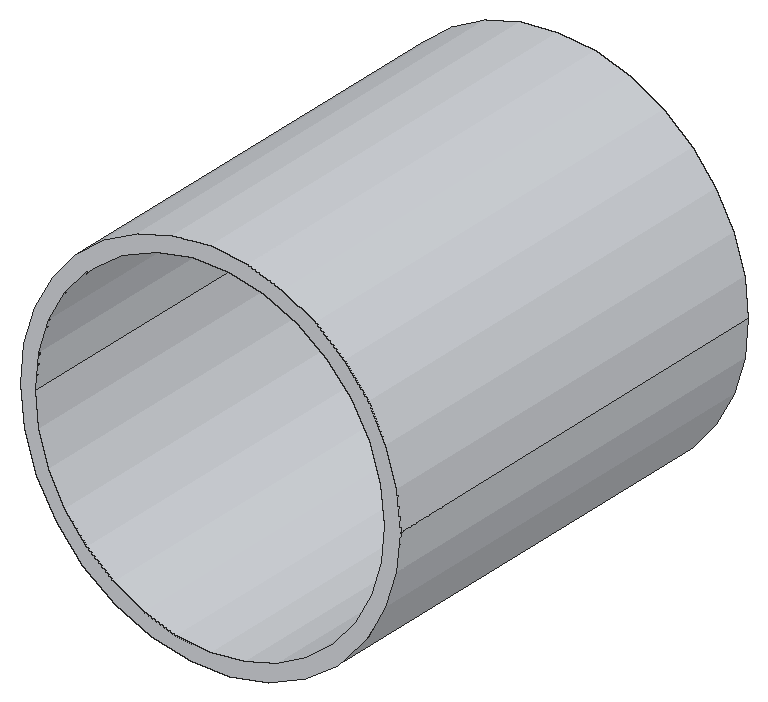
Revit family "SC4G", category Generic Models, Revit 2017
Family settings
  Can host rebar = No
  Round Connector Dimension = Use Diameter
  Part Type = Normal
  Work Plane-Based = Yes
  Always vertical = No
  Cut with Voids When Loaded = No
  Shared = No
  Room Calculation Point = No
Parameters (values of type "NBS Standard Parameters")
  Weight = "0.092Kg"
  WarrantyStartDate [instance] = "1900-12-31T23:59:59"
  WarrantyGuarantorParts = "n/a"
  WarrantyGuarantorLabor = "n/a"
  WarrantyDurationUnit = "1 year"
  WarrantyDurationParts = "n/a"
  WarrantyDurationLabor = "n/a"
  WarrantyDescription = "n/a"
  Version = "1"
  Uniclass2 = "Pr_65_70_11_12"
  TagNumber [instance] = "n/a"
  SustainabilityPerformance = "n/a"
  Size = "1.5\""
  Shape = "Circular"
  SerialNumber [instance] = "n/a"
  Revision = "n/a"
  ReplacementCost = "n/a"
  ProductInformation = "www.metpro.co.uk/pdf/sc4g.pdf"
  NominalWidth = 41.5 mm
  NominalLength = 41.5 mm
  NominalHeight = 47.5 mm
  Name = ""
  NBSTypeID = ""
  NBSReference = "90-55-10/460"
  NBSOfficeMasterTag = ""
  NBSNote = ""
  NBSDescription = "Conduit Fittings"
  NBSCertification = ""
  ModelReference = "SC4G"
  ModelNumber = "n/a"
  Material = "steel"
  ManufacturerURL = "www.metpro.co.uk"
  ManufacturerName = "Metpro Ltd"
  InstallationDate [instance] = "1900-12-31T23:59:59"
  IfcExportType = ""
  IfcExportAs = ""
  Grade = "n/a"
  Finish = "Galvanised"
  Features = "n/a"
  ExpectedLife = "n/a"
  DurationUnit = "year"
  Description = "SC4G  - 1.5\" Solid Coupler"
  Default Elevation = 1219.2 mm
  Constituents = "n/a"
  Color = "n/a"
  CodePerformance = "n/a"
  Category = "n/a"
  BarCode [instance] = "n/a"
  BIMObjectName = "Metpro_metprolibrary_conduitfittings_metalcomponent_steelaccessories"
  Author = "Metpro Ltd"
  AssetType = ""
  AssetIdentifier [instance] = "n/a"
  AccessibilityPerformance = "n/a"
Reference planes
  plane 1 "Center (Front/Back)": y = 0
  plane 2: z = 0
  plane 3 "Center (Left/Right)": x = 0
Forms (mm)
  Extrusion 1, solid
    sketch origin (76.281, -1.914, 25.358) x (-1, 0, 0) y (0, 0, 1)
      loop
        circle (210, 20) r 20.75
      loop
        circle (210, 20) r 19.05
    from 0 to 47.5
Dimensions and locks
  aligned and locked: level to plane 2
